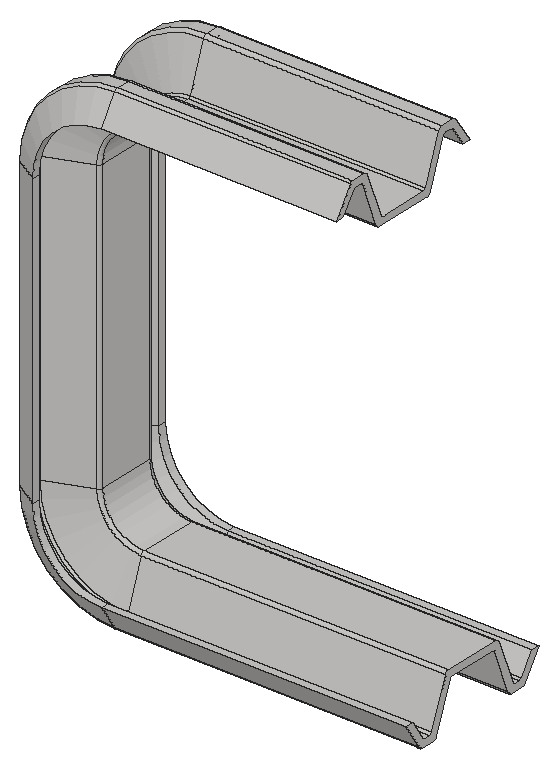
Revit family "E_Cable Tray Support_MEPcontent_OBO Bettermann_Bracket TPD FT", category Cable Tray Fittings, Revit 2015
Parameters (values of type "TPD 145 FT")
  Wholesaler Art. No. = ""
  Wholesaler = ""
  Watermarked By = "www.stabiplan.com"
  Width 1 = 145.00 mm
  Width = Width 1  # 145 mm
  URL = "www.stabiplan.com"
  Tray Height [instance] = 60.00 mm
  built-in parameter 1140111 [instance] = 2.50 mm  # 0.0082021 (stored number, unit not read)
  Stabu Code = ""
  Revit Version = "2015"  # constant formula
  MEPcontent Class = "CABLE_TRAY_SUPORT"  # constant formula
  Internal Art. No. = ""
  IFCExportType = "NOTDEFINED"  # constant formula
  IFCExportAs = "IfcCableCarrierFittingType"  # constant formula
  Function Code [instance] = ""
  Family Version = "10.14"  # constant formula
  ETIM Article Class = "EC000022"  # constant formula
  EMCS Version = "2.0"  # constant formula
  Copyright = "© Stabiplan International BV"  # constant formula
  Content Supplier URL = ""
  CB-NL Class = ""
  Article Type = if(and(Width = 145.00 mm, Height = 175.00 mm), "TPD 145 FT ", if(and(Width = 245.00 mm, Height = 175.00 mm), "TPD 245 FT ", if(and(Width = 345.00 mm, Height = 175.00 mm), "TPD 345 FT", "Unknown")))  # "TPD 145 FT "
  Product Line = "OBO BETTERMANN CableTrays"  # constant formula
  Model = if(and(Width = 145.00 mm, Height = 175.00 mm), "TPD 145 FT ", if(and(Width = 245.00 mm, Height = 175.00 mm), "TPD 245 FT ", if(and(Width = 345.00 mm, Height = 175.00 mm), "TPD 345 FT", "Unknown")))  # "TPD 145 FT "
  Manufacturer = "OBO BETTERMANN"  # constant formula
  Custom [instance] = if(and(Width = 145.00 mm, Height = 175.00 mm), 1 = 0, if(and(Width = 245.00 mm, Height = 175.00 mm), 1 = 0, if(and(Width = 345.00 mm, Height = 175.00 mm), 1 = 0, 1 = 1)))  # no
  Half Tray Height [instance] = Tray Height / 2  # 30.00 mm
  Height 1 = 175.00 mm  # constant formula
  Height = Height 1  # 175 mm
  GTIN = if(and(Width = 145.00 mm, Height = 175.00 mm), "4012195076858", if(and(Width = 245.00 mm, Height = 175.00 mm), "4012195076865", if(and(Width = 345.00 mm, Height = 175.00 mm), "4012195076896", "Unknown")))  # "4012195076858"
  Description = "Wall and Ceiling Bracket"
  Depth = 60.00 mm  # constant formula
  Manufacturer URL = "http://catalog4.obo-bettermann.com/catalogue/catalogue.do?forward=showProductGroup&act=showIO&favOid=kts_144058&action=showManyProducts&lang=nl&OID=kts_144058&catId="
  Gray = Color RGB 189-187-185
  Manufacturer Art. No. = if(and(Width = 145.00 mm, Height = 175.00 mm), "6363861", if(and(Width = 245.00 mm, Height = 175.00 mm), "6363865", if(and(Width = 345.00 mm, Height = 175.00 mm), "6363869", "Unknown")))  # "6363861"
  Article Description = "Wall and Ceiling Bracket"
Types (3, lengths in mm): name | Width 1 | Width | Tray Height | Article Type | Model | Half Tray Height | GTIN | Manufacturer Art. No.
  TPD 145 FT | 145.00 | 145 | 60.00 | "TPD 145 FT " | "TPD 145 FT " | 30.00 | "4012195076858" | "6363861"
  TPD 245 FT | 245.00 | 245 | 150.00 | "TPD 245 FT " | "TPD 245 FT " | 75.00 | "4012195076865" | "6363865"
  TPD 345 FT | 345.00 | 345 | 110.00 | "TPD 345 FT" | "TPD 345 FT" | 55.00 | "4012195076896" | "6363869"
Reference planes
  plane 1 "Center (Front/Back)": y = 0
  plane 2: z = 0
  plane 3 "Center (Left/Right)": x = 0
  plane 4: z = 125
  plane 5: z = -50
  plane 6: y = 30
  plane 7: y = -30
  plane 8: x = 52.5
  plane 9: x = -72.5
  plane 10: x = 47.5
  plane 11: x = 72.5
  plane 12: z = 105
  plane 13: x = -52.5
  plane 14: z = -30
  plane 15: z = 115
  plane 16: x = -62.5
  plane 17: z = -40
  plane 18: y = -10
  plane 19: y = 10
  plane 20: y = -23.34
  plane 21: y = -16.67
  plane 22: y = 23.34
  plane 23: y = 16.67
  plane 24: y = 12.5
  plane 25: y = -12.5
Forms (mm)
  Sweep 1, solid, material "Color RGB 189-187-185" <- "Gray", detail levels medium+fine
    path origin (0, 0, 0) x (1, 0, 0) y (0, 0, 1)
      loop
        line (47.5, 115) -> (-37.5, 115)
        arc (-37.5, 115) -> (-55.178, 107.678) -> (-62.5, 90) r 25
        line (-62.5, 90) -> (-62.5, -15)
        arc (-62.5, -15) -> (-55.178, -32.678) -> (-37.5, -40) r 25
        line (-37.5, -40) -> (72.5, -40)
    profile origin (5, 0, 115) x (0, 0, -1) y (0, -1, 0)
      loop
        line (0, 26.996) -> (0, 30) -> (-9.331, 23.785)
        arc (-9.331, 23.785) -> (-9.822, 23.245) -> (-10, 22.537) r 1.5
        line (-10, 22.537) -> (-10, 17.704)
        arc (-10, 17.704) -> (-9.735, 16.852) -> (-9.034, 16.302) r 1.5
        line (-9.034, 16.302) -> (6.856, 10.245)
        arc (6.856, 10.245) -> (7.323, 9.878) -> (7.5, 9.311) r 1
        line (7.5, 9.311) -> (7.5, -9.311)
        arc (7.5, -9.311) -> (7.323, -9.878) -> (6.856, -10.245) r 1
        line (6.856, -10.245) -> (-9.034, -16.302)
        arc (-9.034, -16.302) -> (-9.735, -16.852) -> (-10, -17.704) r 1.5
        line (-10, -17.704) -> (-10, -22.537)
        arc (-10, -22.537) -> (-9.822, -23.245) -> (-9.331, -23.785) r 1.5
        line (-9.331, -23.785) -> (0, -30) -> (0, -26.996) -> (-7.054, -22.298)
        arc (-7.054, -22.298) -> (-7.382, -21.938) -> (-7.5, -21.466) r 1
        line (-7.5, -21.466) -> (-7.5, -19.082)
        arc (-7.5, -19.082) -> (-7.323, -18.514) -> (-6.856, -18.147) r 1
        line (-6.856, -18.147) -> (9.034, -12.091)
        arc (9.034, -12.091) -> (9.735, -11.54) -> (10, -10.689) r 1.5
        line (10, -10.689) -> (10, 10.689)
        arc (10, 10.689) -> (9.735, 11.54) -> (9.034, 12.091) r 1.5
        line (9.034, 12.091) -> (-6.856, 18.147)
        arc (-6.856, 18.147) -> (-7.323, 18.514) -> (-7.5, 19.082) r 1
        line (-7.5, 19.082) -> (-7.5, 21.466)
        arc (-7.5, 21.466) -> (-7.382, 21.938) -> (-7.054, 22.298) r 1
        line (-7.054, 22.298) -> (0, 26.996)
Lines and regions (mm)
  model lines, style "Fittings", detail levels coarse
    curve 1: line (47.5, 0, 115) -> (-62.5, 0, 115)
    curve 2: line (72.5, 0, -40) -> (-62.5, 0, -40)
    curve 3: line (-62.5, 0, 115) -> (-62.5, 0, -40)
Dimensions and locks
  equal spacing: plane 6, plane 1 "Center (Front/Back)", plane 7
  "Depth": plane 6 to plane 7
  "Height": plane 4 to plane 5
  locked: plane 9 to plane 10 at 120
  equal spacing: plane 9, plane 3 "Center (Left/Right)", plane 11
  "Width": plane 9 to plane 11
  locked: plane 4 to plane 12 at 20
  locked: plane 9 to plane 13 at 20
  locked: plane 14 to plane 5 at 20
  equal spacing: plane 4, plane 15, plane 12
  equal spacing: plane 9, plane 16, plane 13
  equal spacing: plane 14, plane 17, plane 5
  equal spacing: plane 18, profile plane, plane 19
  locked: plane 18 to plane 19 at 20
  locked: plane 21 to plane 18 at 6.67
  equal spacing: plane 20, plane 21, plane 18
  plane 20 to plane 21 = 6.67 mm
  plane 22 to plane 23 = 6.67 mm
  equal spacing: plane 19, plane 23, plane 22
  plane 19 to plane 23 = 6.67 mm
  "Half Tray Height": level to plane 14
  radius of Sweep 1 sketch curve = 25.00 mm  (x2)
  radius of Sweep 1 sketch curve = 1.50 mm  (x7)
  radius of Sweep 1 sketch curve = 1.00 mm  (x6)
  aligned and locked: level to plane 2
  aligned and locked: plane 16 to curve 1
  aligned and locked: plane 15 to curve 3
  aligned and locked: plane 10 to curve 1
  aligned and locked: plane 17 to curve 3
  aligned and locked: plane 16 to curve 2
  aligned and locked: plane 11 to curve 2
Automatic sketch dimensions
  Sweep 1 sketch curve to plane 16 = 0.00 mm
  Sweep 1 sketch curve to plane 15 = 0.00 mm
  Sweep 1 sketch curve to plane 17 = 0.00 mm
  Sweep 1 sketch curve to plane 10 = 0.00 mm
  Sweep 1 sketch curve to plane 11 = 0.00 mm
  Sweep 1 sketch curve to profile plane = 0.00 mm  (x2)
  plane 22 to Sweep 1 sketch curve = 0.803 mm
  profile plane to Sweep 1 sketch curve = 8.50 mm
  Sweep 1 sketch curve to Sweep 1 sketch curve = 2.00 mm
  profile plane to Sweep 1 sketch curve = 6.50 mm
  Sweep 1 sketch curve to plane 23 = 1.477 mm
  Sweep 1 sketch curve to Sweep 1 sketch curve = 0.356 mm  (x3)
  Sweep 1 sketch curve to plane 21 = 1.477 mm
  plane 20 to Sweep 1 sketch curve = 1.042 mm
  Sweep 1 sketch curve to Sweep 1 sketch curve = 0.446 mm
  Sweep 1 sketch curve to Sweep 1 sketch curve = 0.554 mm
  Sweep 1 sketch curve to plane 22 = 0.445 mm
  Sweep 1 sketch curve to Sweep 1 sketch curve = 1.00 mm  (x2)
  plane 21 to Sweep 1 sketch curve = 0.368 mm
  Sweep 1 sketch curve to Sweep 1 sketch curve = 0.534 mm  (x4)
  plane 23 to Sweep 1 sketch curve = 0.368 mm
  Sweep 1 sketch curve to plane 20 = 0.445 mm
  plane 20 to Sweep 1 sketch curve = 0.803 mm
  plane 18 to Sweep 1 sketch curve = 0.689 mm
  Sweep 1 sketch curve to profile plane = 6.50 mm
  Sweep 1 sketch curve to plane 19 = 0.245 mm
  Sweep 1 sketch curve to plane 18 = 0.245 mm
  Sweep 1 sketch curve to plane 25 = 0.409 mm
  Sweep 1 sketch curve to plane 24 = 0.409 mm
  Sweep 1 sketch curve to plane 22 = 3.656 mm
  Sweep 1 sketch curve to Sweep 1 sketch curve = 3.004 mm  (x2)
  plane 22 to Sweep 1 sketch curve = 1.042 mm
  Sweep 1 sketch curve to plane 20 = 3.656 mm
